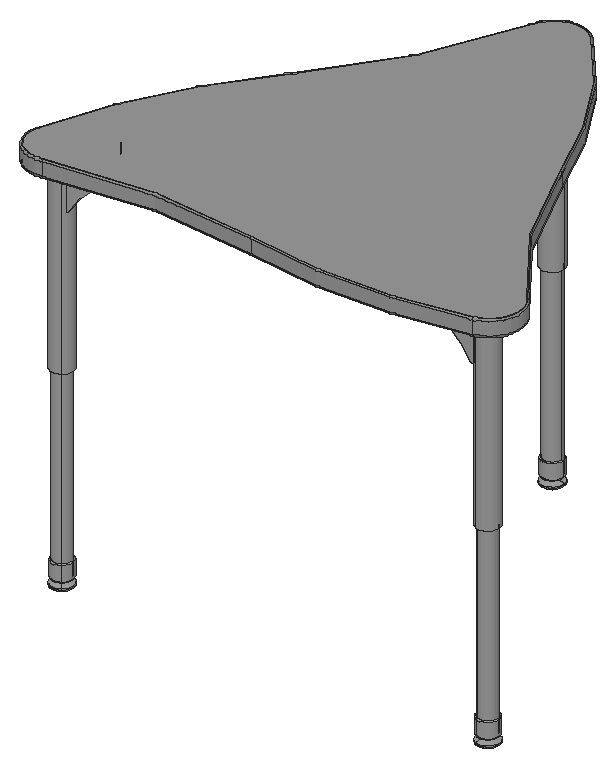
Revit family "Hierarchy Creator Triangle Desk", category Furniture, Revit 2018
Family settings
  Work Plane-Based = No
  Always vertical = Yes
  Cut with Voids When Loaded = No
  Shared = No
  Room Calculation Point = No
Parameters
  Surface = Hierarchy Creator Triangle Desk Surface
  Leg Finish = Hierarchy Leg Platinum
  Edgeband = Hierarchy Creator Triangle Desk Edgeband
  Desk Height = 2' - 5"
  Caster/Glide = Hierarchy Leg - Glide : Hierarchy Leg - Glide
Reference planes (in)
  plane 1 "Center (Front/Back)": y = 0
  plane 2: z = 0
  plane 3 "Center (Left/Right)": x = 0
  plane 4: z = 29
Dimensions and locks (in)
  "Desk Height": plane 4 to level
  aligned and locked: plane 2 to level
  aligned and locked: nested 1 to plane 4
Nested families (in)
  nested 1: "Creator Triangle Desk Tabletop" at (0.04688, -4.75192, 15.97788), type "Creator Triangle Desk Tabletop"
  nested 2: "Hierarchy Leg - Glide" at (-16.0836, -13.74317, 0) x (-0.6183, 0.7859, 0) z (0, 0, 1), Leg Height <- "Desk Height", type <- "Caster/Glide", Leg Finish <- "Leg Finish", type "Hierarchy Leg - Glide"
    with Leg Height 2' - 5", Leg Finish Hierarchy Leg Platinum
  nested 3: "Hierarchy Leg - Glide" at (15.66289, -12.80031, 0) x (0.3678, 0.9299, 0) z (0, 0, 1), Leg Height <- "Desk Height", type <- "Caster/Glide", Leg Finish <- "Leg Finish", type "Hierarchy Leg - Glide"
    with Leg Height 2' - 5", Leg Finish Hierarchy Leg Platinum
  nested 4: "Hierarchy Leg - Glide" at (-0.996, 14.17635, 0) x (0.9898, 0.1425, 0) z (0, 0, 1), Leg Finish <- "Leg Finish", Leg Height <- "Desk Height", type "Hierarchy Leg - Glide"
    with Leg Height 2' - 5", Leg Finish Hierarchy Leg Platinum
Definition of nested family "Creator Triangle Desk Tabletop"
  Parameters (values of type "Creator Triangle Desk Tabletop")
    Surface = none
    Edgeband = none
  Reference planes (in)
    plane 1 "Center (Front/Back)": y = 0
    plane 2: z = 0
    plane 3 "Center (Left/Right)": x = 0
  Forms (in)
    Extrusion 1, solid, material <- "Surface"
      sketch origin (0, 0, 0) x (1, 0, 0) y (0, 1, 0)
        loop
          arc (0.49793, 20.64445) -> (-1.62997, 21.25192) -> (-3.23948, 19.73323) r 2.23764
          arc (-3.23948, 19.73323) -> (-6.27486, 12.50268) -> (-10.68964, 6.02163) r 39.17158
          arc (-10.68964, 6.02163) -> (-15.30181, -0.83979) -> (-18.36031, -8.52072) r 38.91212
          arc (-18.36031, -8.52072) -> (-17.82317, -10.66793) -> (-15.70247, -11.30166) r 2.23648
          arc (-15.70247, -11.30166) -> (-7.92295, -10.31182) -> (-0.10265, -10.89815) r 39.0058
          arc (-0.10265, -10.89815) -> (8.14576, -11.46539) -> (16.3268, -10.27009) r 38.75551
          arc (16.3268, -10.27009) -> (17.91698, -8.73073) -> (17.40639, -6.57722) r 2.23801
          arc (17.40639, -6.57722) -> (12.66225, -0.33343) -> (9.25675, 6.73016) r 39.1738
          arc (9.25675, 6.73016) -> (5.62049, 14.15511) -> (0.49793, 20.64445) r 38.91895
      from 13.02212 to 14.27206
    Sweep 2, solid, material <- "Edgeband"
      path origin (0, 0, 0) x (1, 0, 0) y (0, 1, 0)
        loop
          arc (0.49793, 20.64445) -> (-1.62997, 21.25192) -> (-3.23948, 19.73323) r 2.23764
          arc (-3.23948, 19.73323) -> (-6.27486, 12.50268) -> (-10.68964, 6.02163) r 39.17158
          arc (-10.68964, 6.02163) -> (-15.30181, -0.83979) -> (-18.36031, -8.52072) r 38.91212
          arc (-18.36031, -8.52072) -> (-17.82317, -10.66793) -> (-15.70247, -11.30166) r 2.23648
          arc (-15.70247, -11.30166) -> (-7.92295, -10.31182) -> (-0.10265, -10.89815) r 39.0058
          arc (-0.10265, -10.89815) -> (8.14576, -11.46539) -> (16.3268, -10.27009) r 38.75551
          arc (16.3268, -10.27009) -> (17.91698, -8.73073) -> (17.40639, -6.57722) r 2.23801
          arc (17.40639, -6.57722) -> (12.66225, -0.33343) -> (9.25675, 6.73016) r 39.1738
          arc (9.25675, 6.73016) -> (5.62049, 14.15511) -> (0.49793, 20.64445) r 38.91895
      profile origin (-1.62997, 21.25192, 0) x (0.236871, -0.971541, 0) y (0, 0, 1)
        loop
          line (0, 13.02218) -> (0, 14.27206)
          arc (0, 14.27206) -> (-0.08841, 14.23311) -> (-0.12472, 14.14358) r 0.12854
          line (-0.12472, 14.14358) -> (-0.12472, 13.15066)
          arc (-0.12472, 13.15066) -> (-0.08841, 13.06113) -> (0, 13.02218) r 0.12854
  Dimensions and locks (in)
    aligned and locked: plane 2 to level
Definition of nested family "Hierarchy Leg - Glide"
  Parameters (values of type "Hierarchy Leg - Glide")
    Leg Finish [instance] = none
    Leg Height [instance] = 2' - 5"
  Reference planes (in)
    plane 1 "Center (Front/Back)": y = 0
    plane 2: z = 0
    plane 3 "Center (Left/Right)": x = 0
  Forms (in)
    Extrusion 1, solid
      sketch origin (-0.01562, 0, 0) x (1, 0, 0) y (0, 1, 0)
        loop
          circle (0.01563, 0) r 0.67016
      from 0.67618 to 16.17618
    Revolve 2, solid
      sketch origin (0, 0, 0) x (1, 0, 0) y (0, 0, 1)
        loop
          line (-0.73189, 1.80118) -> (-0.79439, 1.73867) -> (-0.79439, 0.61381) -> (-0.73176, 0.55118) -> (-0.125, 0.55118) -> (-0.125, 0.42618) -> (-0.84656, 0.16241) -> (-0.84656, 0.08994) -> (-0.81359, 0) -> (0, 0) -> (0, 1.80118) -> (-0.73189, 1.80118)
        axis (0, 1.80118) -> (0, 0)
      angle from 0 to 360
  Dimensions and locks (in)
    "Leg Height": nested 1 to level
    aligned and locked: plane 2 to level
  Automatic sketch dimensions
    plane 1 "Center (Front/Back)" to Extrusion 1 sketch curve = 0' - 0"
    Extrusion 1 sketch curve to plane 3 "Center (Left/Right)" = 0' - 0"
    Revolve 2 sketch curve to level = 0' - 0"
    Revolve 2 sketch curve to plane 3 "Center (Left/Right)" = 0' - 0"  (x2)
    Revolve 2 sketch curve to plane 3 "Center (Left/Right)" = 0' - 0 1/8"
    Revolve 2 sketch curve to Revolve 2 sketch curve = 0' - 0.60676"
    Revolve 2 sketch curve to Revolve 2 sketch curve = 0' - 0.73189"
    Revolve 2 sketch curve to Revolve 2 sketch curve = 0' - 0.06263"  (x2)
    Revolve 2 sketch curve to Revolve 2 sketch curve = 0' - 0.08183"
    Revolve 2 sketch curve to Revolve 2 sketch curve = 0' - 0.03297"
    level to Revolve 2 sketch curve = 0' - 0.08994"
    Revolve 2 sketch curve to Revolve 2 sketch curve = 0' - 0.07247"
    level to Revolve 2 sketch curve = 0' - 0.42618"
    Revolve 2 sketch curve to Revolve 2 sketch curve = 0' - 0 1/8"
    Revolve 2 sketch curve to Revolve 2 sketch curve = 0' - 1.12486"
    Revolve 2 sketch curve to Revolve 2 sketch curve = 0' - 0 1/16"
    Revolve 2 sketch curve to level = 2' - 0"
    Revolve 2 sketch curve to Revolve 2 sketch curve = 8' - 4.91764"
    radius of Extrusion 1 sketch curve = 0' - 0.67016"
  Nested families (in)
    nested 1: "Hierarchy Upper Leg 2023" at (0, 0, 1.19783), Shapes Leg Finish <- "Leg Finish", type "Hierarchy Upper Leg 2023"
      with Shapes Leg Finish none
  Definition of nested family "Hierarchy Upper Leg 2023"
    Parameters (values of type "Hierarchy Upper Leg 2023")
      Shapes Leg Finish [instance] = none
    Reference planes (in)
      plane 1 "Center (Front/Back)": y = 0
      plane 2: z = 0
      plane 3 "Center (Left/Right)": x = 0
    Forms (in)
      Extrusion 1, solid, material <- "Shapes Leg Finish"
        sketch origin (0, 0, 0) x (1, 0, 0) y (0, 1, 0)
          loop
            circle (0, 0) r 0.84802
        from 13.67618 to 27.67618
      Extrusion 2, solid, material <- "Shapes Leg Finish"
        sketch origin (0, 0, 0) x (1, 0, 0) y (0, 1, 0)
          loop
            line (-1.70174, 0.19183) -> (-2.88626, -2.26116)
            arc (-2.88626, -2.26116) -> (-2.83993, -3.09822) -> (-2.1063, -3.50394) r 0.86614
            line (-2.1063, -3.50394) -> (2.1063, -3.50394)
            arc (2.1063, -3.50394) -> (2.83993, -3.09822) -> (2.88626, -2.26116) r 0.86614
            line (2.88626, -2.26116) -> (1.70174, 0.19183)
            arc (1.70174, 0.19183) -> (0, 1.25984) -> (-1.70174, 0.19183) r 1.88976
        from 27.67618 to 27.80217
      Extrusion 3, solid, material <- "Shapes Leg Finish"
        sketch origin (-1.48519, 8.66524, 0) x (-0.434844, 0.900506, 0) y (0, 0, 1)
          loop
            line (-9.01425, 27.67618) -> (-11.80952, 27.67618)
            arc (-11.80952, 27.67618) -> (-11.92325, 27.58993) -> (-11.87088, 27.45715) r 0.11811
            arc (-11.87088, 27.45715) -> (-10.39364, 26.29679) -> (-9.23328, 24.81955) r 7.87402
            arc (-9.23328, 24.81955) -> (-9.1005, 24.76717) -> (-9.01425, 24.88091) r 0.11811
            line (-9.01425, 24.88091) -> (-9.01425, 27.67618)
        from -1.94075 to -1.81476
      Extrusion 4, solid, material <- "Shapes Leg Finish"
        sketch origin (1.48519, 8.66524, 0) x (0.434844, 0.900506, 0) y (0, 0, -1)
          loop
            line (-9.01425, -27.67618) -> (-9.01425, -24.88091)
            arc (-9.01425, -24.88091) -> (-9.1005, -24.76717) -> (-9.23328, -24.81955) r 0.11811
            arc (-9.23328, -24.81955) -> (-10.39364, -26.29679) -> (-11.87088, -27.45715) r 7.87402
            arc (-11.87088, -27.45715) -> (-11.92325, -27.58993) -> (-11.80952, -27.67618) r 0.11811
            line (-11.80952, -27.67618) -> (-9.01425, -27.67618)
        from -1.94075 to -1.81476
    Dimensions and locks (in)
      aligned and locked: plane 2 to level
